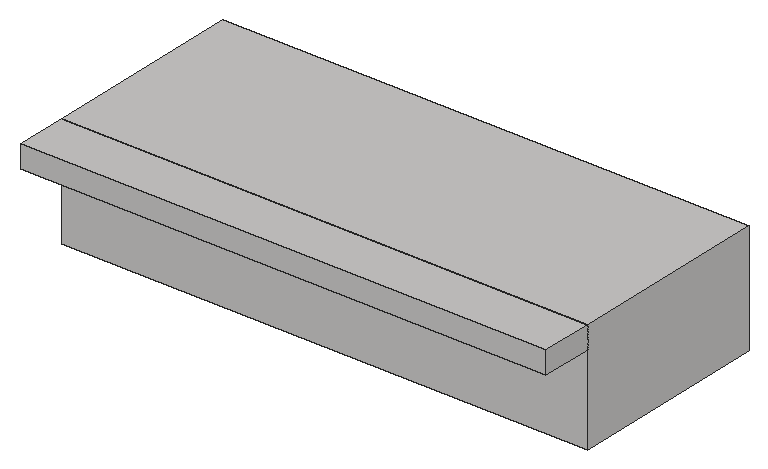
Revit family "233813 - Commercial-Kitchen Hoods - Generic", category Specialty Equipment, Revit 2020
Family settings
  Round Connector Dimension = Use Diameter
  Part Type = Normal
  Work Plane-Based = No
  Always vertical = Yes
  Cut with Voids When Loaded = Yes
  Shared = No
  Room Calculation Point = No
Parameters (values of type "Hood #1")
  Makeup Air - Width [instance] = 1' - 2"
  Makeup Air - Height [instance] = 0' - 6"
  Make-up Air on/off [instance] = yes
  Hood Material = VENTILATION HOOD (SEE FOOD SERVICE DWGS)
  Hood - off the floor [instance] = 6' - 8"
  Hood - Width [instance] = 4' - 6"
  Hood - Length [instance] = 11' - 9"
  Hood - Height [instance] = 2' - 6"
  Default Elevation = 0' - 0"
Reference planes (in)
  plane 1 "Center (Front/Back)": y = 0
  plane 2: z = 0
  plane 3 "Center (Left/Right)": x = 0
  plane 4 "Hood - Bottom": z = 80
  plane 5 "Makeup Air - Back": y = -54
  plane 6 "Makeup Air - Bottom": z = 104
  plane 7 "Hood - Top": z = 110
  plane 8 "Makeup Air - Front": y = -68
  plane 9: x = 141
  plane 10: x = 140.5
  plane 11: x = 0.5
Forms (in)
  Extrusion 1, solid, material "VENTILATION HOOD (SEE FOOD SERVICE DWGS)" <- "Hood Material"
    sketch origin (0, 0, 0) x (0, 1, 0) y (0, 0, 1)
      loop
        line (0, 80) -> (0, 110) -> (-54, 110) -> (-54, 80) -> (0, 80)
    from 0 to 141
  Extrusion 2, void
    sketch origin (0, 0, 0) x (0, 1, 0) y (0, 0, 1)
      loop
        line (0, 81) -> (-16.45448, 109.5) -> (-53.5, 109.5) -> (-53.5, 80) -> (0, 80) -> (0, 81)
    from 0.5 to 140.5
  Extrusion 3, solid, material "VENTILATION HOOD (SEE FOOD SERVICE DWGS)" <- "Hood Material", visible <- "Make-up Air on/off"
    sketch origin (0, -50.75, 0) x (0, 1, 0) y (0, 0, 1)
      loop
        line (-3.25, 104) -> (-3.25, 110) -> (-17.25, 110) -> (-17.25, 104) -> (-3.25, 104)
    from 0 to 141
Cuts and joins
  Extrusion 2 cuts Extrusion 1
Lines and regions (in)
  reference lines
    curve 1: line (0, 0, 81) -> (0, -26, 126.03332)
  symbolic lines, style "SpecialityEquipmentHiddenLines"
    curve 2: line (0, 0, 0) -> (141, 0, 0)
    curve 3: line (0, -68, 0) -> (0, 0, 0)
    curve 4: line (141, -68, 0) -> (0, -68, 0)
    curve 5: line (141, 0, 0) -> (141, -68, 0)
    curve 6: line (141, -54, 0) -> (0, -54, 0)
    curve 7: line (0, 0, 0) -> (141, -54, 0)
    curve 8: line (141, 0, 0) -> (0, -54, 0)
  model lines, style "InvisibleLines"
    curve 9: line (0, 0, 0) -> (0, 0, 120)
Dimensions and locks (in)
  "Hood - Width": plane 1 "Center (Front/Back)" to plane 5 "Makeup Air - Back"
  "Makeup Air - Width": plane 5 "Makeup Air - Back" to plane 8 "Makeup Air - Front"
  "Hood - off the floor": plane 4 "Hood - Bottom" to level
  "Hood - Height": plane 7 "Hood - Top" to plane 4 "Hood - Bottom"
  "Makeup Air - Height": plane 7 "Hood - Top" to plane 6 "Makeup Air - Bottom"
  locked: plane 7 "Hood - Top" to Extrusion 2 sketch curve at 0.5
  locked: Extrusion 2 sketch curve to plane 5 "Makeup Air - Back" at 0.5
  locked: Extrusion 2 sketch curve to plane 4 "Hood - Bottom" at 1
  "Hood - Length": plane 3 "Center (Left/Right)" to plane 9
  locked: plane 3 "Center (Left/Right)" to plane 11 at 0.5
  locked: plane 10 to plane 9 at 0.5
  locked: curve 1 to plane 1 "Center (Front/Back)" (angle 30.00°)
  aligned and locked: plane 2 to level
  aligned and locked: Extrusion 1 sketch curve to plane 1 "Center (Front/Back)"
  aligned and locked: plane 7 "Hood - Top" to Extrusion 1 sketch curve
  aligned and locked: plane 5 "Makeup Air - Back" to Extrusion 1 sketch curve
  aligned and locked: Extrusion 1 sketch curve to plane 4 "Hood - Bottom"
  aligned and locked: plane 4 "Hood - Bottom" to Extrusion 2 sketch curve
  aligned and locked: plane 9 to Extrusion 1
  aligned and locked: plane 10 to Extrusion 2
  aligned and locked: Extrusion 2 to plane 11
  aligned and locked: plane 7 "Hood - Top" to Extrusion 3 sketch curve
  aligned and locked: Extrusion 3 sketch curve to plane 5 "Makeup Air - Back"
  aligned and locked: plane 8 "Makeup Air - Front" to Extrusion 3 sketch curve
  aligned and locked: Extrusion 3 sketch curve to plane 6 "Makeup Air - Bottom"
  aligned and locked: Extrusion 3 to cut or joined group of Extrusion 1, Extrusion 2
  aligned and locked: Extrusion 2 sketch curve to curve 1
  aligned and locked: plane 1 "Center (Front/Back)" to curve 2
  aligned and locked: curve 5 to plane 9
  aligned and locked: plane 3 "Center (Left/Right)" to curve 3
  aligned and locked: curve 6 to plane 5 "Makeup Air - Back"
  aligned and locked: curve 4 to plane 8 "Makeup Air - Front"
Automatic sketch dimensions
  curve 1 to plane 1 "Center (Front/Back)" = 0' - 0"
  plane 4 "Hood - Bottom" to curve 1 = 0' - 1"
  curve 9 to plane 3 "Center (Left/Right)" = 0' - 0"
  level to curve 9 = 0' - 0"
  plane 7 "Hood - Top" to curve 9 = 0' - 10"
